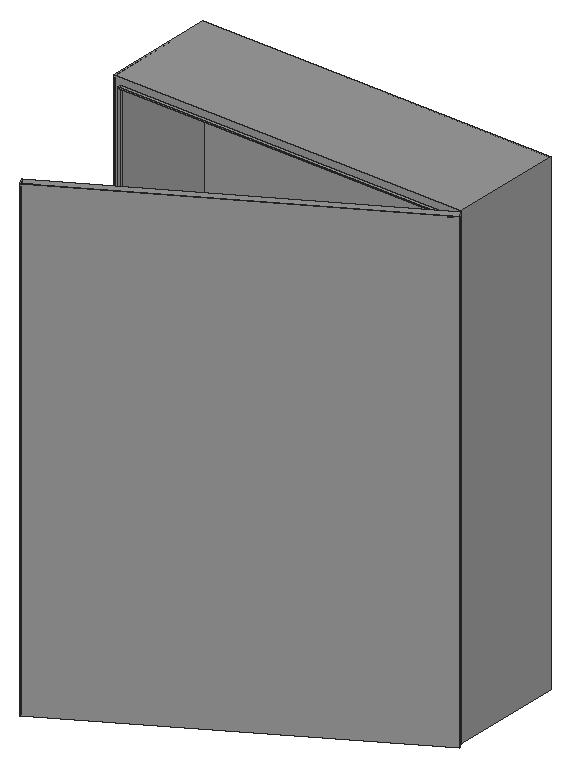
Revit family "Hager-Univers-IP55-D275-H1100-Cl.I-Steel_encl-NoHosted-PL-pl", category Electrical Equipment, Revit 2020
Family settings
  Panel Configuration = Two Columns, Circuits Across
  Round Connector Dimension = Use Diameter
  Part Type = Panelboard
  Work Plane-Based = Yes
  Always vertical = Yes
  Cut with Voids When Loaded = No
  Shared = No
  Room Calculation Point = No
Parameters (values of type "Montaż natynkowy IP55 S800 W1100 G275  - FR73E")
  Width Control [instance] = if([EF000008 - Szerokość] > Min Width, [EF000008 - Szerokość], Min Width)  # 800 mm
  Type Comments = [HG000003 - Zakres]  # "Univers"
  Thickness Door [instance] = if([EF009171 - Drzwi/pokrywa z materiału o wysokiej wytrzymałości mechanicznej] > 3 mm, 3 mm, [EF009171 - Drzwi/pokrywa z materiału o wysokiej wytrzymałości mechanicznej])  # 1.5 mm
  Seal Frame Offset [instance] = 17 mm  # constant formula
  Plinth Visibility [instance] = [HG000027 - Wysokość cokołu] > 0 mm  # no
  Min Width [instance] = 100 mm  # constant formula
  Min Depth [instance] = (2 * [EF009170 - Obudowa z materiału o wysokiej wytrzymałości mechanicznej]) + 1 mm  # 4 mm
  Min Height [instance] = 100 mm  # constant formula
  Internal Frame Depth [instance] = (Door System Depth * 0.5)  # 9 mm
  Panel Name [instance] = ""  # (empty or 0)
  Model = ""
  HG000027 - Wysokość cokołu = 0 mm
  HG000026 - Stojąca = no
  HG000024 - Wysokość części dolnej = 600 mm
  HG000023 - Obudowa dwusekcyjna = no
  HG000016 - Widoczność drzwi w widoku 3D [instance] = yes
  HG000015 - Przestrzeń robocza - otwarcie drzwi [instance] = no
  HG000014 - Drzwi prawe [instance] = yes
  HG000013 - Drzwi lewe [instance] = not([HG000014 - Drzwi prawe])  # no
  HG000012 - Kąt otwarcia drzwi [instance] = 30.00°
  HG000010 - Drzwi asymetryczne = no
  HG000009 - Drzwi dwuskrzydłowe = no
  HG000006 - Montaż podtynkowy = no
  HG000004 - Referencja producenta = "FR73E"
  HG000003 - Zakres = "Univers"
  HG000002 - Z drzwiami lub pokrywą = yes
  Frame Offset Bottom [instance] = 10 mm  # constant formula
  Frame Offset [instance] = 15 mm  # constant formula
  EF015940 - Pokrywa z wyzwalaczem nadciśnieniowym = no
  EF011959 - Stopień ochrony (NEMA) = ""
  EF009554 - Liczba otworów pod flansze = 6
  EF009212 - Wykonanie pokrywy = "EV000116 - Zamknięty"
  EF009171 - Drzwi/pokrywa z materiału o wysokiej wytrzymałości mechanicznej = 1.5 mm
  EF009170 - Obudowa z materiału o wysokiej wytrzymałości mechanicznej = 1.5 mm
  EF008873 - Prąd znamionowy (In) = 800 A
  EF007800 - Do ochrony odgromowej = no
  EF006306 - Z zamkiem = no
  EF006244 - Transparentna pokrywa/drzwi = no
  EF005474 - Stopień ochrony (IP) = "EV006420 - IP55"
  EF004464 - Rodzaj drzwi = "EV002646 - Pojedynczy"
  EF004427 - Liczba modułów = 252
  EF004293 - Odporność udarowa = "EV008784 - IK10"
  EF003532 - Do zastosowań zewnętrznych = no
  EF002950 - Szerokość wyrażona liczbą modułów = 24
  EF001613 - Podtrzymanie funkcji = "EV000494 - Brak"
  EF001596 - Materiał obudowy = "EV000179 - Stal"
  EF001131 - Głębokość wewnętrzna = 275 mm
  EF001088 - Możliwość rozbudowy = yes
  EF000437 - Liczba wejść kablowych = 6
  EF000339 - Rodzaj pokrywy = "EV004216 - Drzwi"
  EF000266 - Liczba rzędów = 7
  EF000218 - Głębokość wbudowania = 0 mm
  EF000118 - Z płytą montażową = no
  EF000116 - Numer RAL = "7035"
  EF000049 - Głębokość = 275 mm
  EF000040 - Wysokość = 1100 mm
  EF000008 - Szerokość = 800 mm
  EF000007 - Kolor = "EV000270 - Szary"
  EF000003 - Sposób montażu = "EV000384 - Montaż natynkowy"
  Door System Leaf Tolerance [instance] = 1.5 mm  # constant formula
  Door System Depth [instance] = 18 mm  # constant formula
  Door Height [instance] = Height Control - [HG000027 - Wysokość cokołu]  # 1100 mm
  Description = ""
  Default Elevation = 1219.2 mm
  Connector Offset [instance] = Height Control / 2  # 550 mm
  Manufacturer = "Hager"  # constant formula
  Height Control [instance] = if([EF000040 - Wysokość] > Min Height, [EF000040 - Wysokość], Min Height)  # 1100 mm
  Depth Control [instance] = if([EF000049 - Głębokość] > Min Depth, [EF000049 - Głębokość], Min Depth)  # 275 mm
  Bottom Top Plate Trim [instance] = 1.5 mm  # constant formula
  Plinth height Ctrl [instance] = if([HG000027 - Wysokość cokołu] > 0 mm, [HG000027 - Wysokość cokołu], 12 mm)  # 12 mm
Types (5, lengths in mm): name | Width Control | HG000010 - Drzwi asymetryczne | HG000009 - Drzwi dwuskrzydłowe | HG000004 - Referencja producenta | EF009554 - Liczba otworów pod flansze | EF004464 - Rodzaj drzwi | EF004427 - Liczba modułów | EF000437 - Liczba wejść kablowych | EF000008 - Szerokość
  Montaż natynkowy IP55 S1050 W1100 G275  - FR74E | 1050 | no | yes | "FR74E" | 8 | "EV003602 - Podwójny" | 336 | 8 | 1050
  Montaż natynkowy IP55 S1300 W1100 G275  - FR75E | 1300 | yes | yes | "FR75E" | 10 | "EV003602 - Podwójny" | 420 | 10 | 1300
  Montaż natynkowy IP55 S300 W1100 G275  - FR71E | 300 | no | no | "FR71E" | 2 | "EV002646 - Pojedynczy" | 84 | 2 | 300
  Montaż natynkowy IP55 S550 W1100 G275  - FR72E | 550 | no | no | "FR72E" | 4 | "EV002646 - Pojedynczy" | 168 | 4 | 550
  Montaż natynkowy IP55 S800 W1100 G275  - FR73E | 800 | no | no | "FR73E" | 6 | "EV002646 - Pojedynczy" | 252 | 6 | 800
Reference planes
  plane 1 "Center (Front/Back)": y = 0
  plane 2: z = 0
  plane 3 "Center (Left/Right)": x = 0
  plane 4: y = 0
  plane 5: y = 0
  plane 6: z = 0
  plane 7: x = -400
  plane 8: x = 400
  plane 9: x = 398.5
  plane 10: x = -398.5
  plane 11: z = 0
  plane 12: z = 1.5
  plane 13: y = -275
  plane 14: y = -1.5
  plane 15: x = 0
  plane 16: y = -257
  plane 17: y = -273.5
  plane 18: y = -255.5
  plane 19: x = -383.5
  plane 20: x = 383.5
  plane 21: z = 11.5
  plane 22: x = -383
  plane 23: x = 383
  plane 24: z = 0
  plane 25: z = 1100
  plane 26: z = 1100
  plane 27: z = 1083.5
  plane 28: z = 1098.5
Forms (mm)
  Extrusion 1, solid, material "Hager_Steel_RAL7035_Light_Grey", detail levels medium+fine
    sketch origin (-208.679, -4572, 0) x (-1, 0, 0) y (0, -1, 0)
      loop
        line (191.321, -4315) -> (-608.679, -4315) -> (-608.679, -4572) -> (191.321, -4572) -> (191.321, -4315)
    from 0 to 1100
  Extrusion 2, void
    sketch origin (-350.771, -275, 1219.2) x (1, 0, 0) y (0, 0, 1)
      loop
        line (-47.729, -120.7) -> (-47.729, -1217.7) -> (749.271, -1217.7) -> (749.271, -120.7) -> (-47.729, -120.7)
    from -19.5 to -273.5
  Extrusion 3, void
    sketch origin (-290.084, -257, 1219.2) x (1, 0, 0) y (0, 0, 1)
      loop
        line (-93.416, -1207.7) -> (673.584, -1207.7) -> (673.584, -135.7) -> (-93.416, -135.7) -> (-93.416, -1207.7)
    from 0 to -1.5
  Extrusion 4, solid, material "Hager_Steel_RAL7035_Light_Grey", visible <- "Plinth Visibility", detail levels medium+fine
    sketch origin (0, 0, 0) x (1, 0, 0) y (0, 1, 0)
      loop
        line (-400, 0) -> (-400, -257) -> (400, -257) -> (400, 0) -> (-400, 0)
    from 0 to 12 <- "Plinth height Ctrl"
  Extrusion 5, solid, material "Hager_Steel_RAL7035_Light_Grey", detail levels coarse
    sketch origin (0, 0, 0) x (1, 0, 0) y (0, 1, 0)
      loop
        line (-400, 0) -> (-400, -275) -> (400, -275) -> (400, 0) -> (-400, 0)
    from 0 to 1100 <- "Height Control"
  Sweep 6, void
    path in 3D
      loop
        line (-400, -257, 12) -> (400, -257, 12) -> (400, 0, 12) -> (-400, 0, 12) -> (-400, -257, 12)
    profile origin (-400, -128.5, 12) x (1, 0, 0) y (0, 0, 1)
      loop
        line (0, 0) -> (0, -1.5) -> (1.5, -1.5)
        arc (1.5, -1.5) -> (1.061, -0.439) -> (0, 0) r 1.5
  Extrusion 7, solid, material "Hager_Steel_RAL7035_Light_Grey", detail levels fine
    sketch origin (-400, -257, 0) x (1, 0, 0) y (0, 0, 1)
      loop
        line (16.5, 11.5) -> (783.5, 11.5) -> (783.5, 1083.5) -> (16.5, 1083.5) -> (16.5, 11.5)
      loop
        line (15, 10) -> (785, 10) -> (785, 1085) -> (15, 1085) -> (15, 10)
    from 0 to 9 <- "Internal Frame Depth"
Cuts and joins
  Extrusion 2, Extrusion 3 cuts Extrusion 1
  Sweep 6 cuts Extrusion 4
Lines and regions (mm)
  Masking region 1
    outline origin (0, 0, 0) x (1, 0, 0) y (0, 1, 0)
      loop
        line (-400, 0) -> (-400, -275) -> (400, -275) -> (400, 0) -> (-400, 0)
  Masking region 2, detail levels coarse
    outline origin (-290.084, -257, 1219.2) x (-1, 0, 0) y (0, 0, 1)
      loop
        line (-690.084, -1219.2) -> (109.916, -1219.2) -> (109.916, -119.2) -> (-690.084, -119.2) -> (-690.084, -1219.2)
  Masking region 3, detail levels coarse
    outline origin (0, 0, 0) x (0, 1, 0) y (0, 0, 1)
      loop
        line (0, 0) -> (0, 1100) -> (-275, 1100) -> (-275, 0) -> (0, 0)
  Masking region 4, visible <- "Plinth Visibility", detail levels medium+fine
    outline origin (0, 0, 0) x (0, 1, 0) y (0, 0, 1)
      loop
        line (-1.5, 12) -> (-255.5, 12)
        arc (-255.5, 12) -> (-255.939, 10.939) -> (-257, 10.5) r 1.5
        line (-257, 10.5) -> (-257, 0) -> (0, 0) -> (0, 10.5)
        arc (0, 10.5) -> (-1.061, 10.939) -> (-1.5, 12) r 1.5
  Masking region 5, detail levels medium+fine
    outline origin (0, 0, 594.038) x (0, 1, 0) y (0, 0, 1)
      loop
        line (0, -594.038) -> (0, 505.962) -> (-257, 505.962) -> (-257, -594.038) -> (0, -594.038)
  Masking region 6, detail levels medium+fine
    outline origin (-359.7, -257, 1211.883) x (-1, 0, 0) y (0, 0, 1)
      loop
        line (-759.7, -1211.883) -> (40.3, -1211.883) -> (40.3, -111.883) -> (-759.7, -111.883) -> (-759.7, -1211.883)
  Masking region 7, visible <- "Plinth Visibility", detail levels medium+fine
    outline origin (-320.334, -257, 1041.368) x (-1, 0, 0) y (0, 0, 1)
      loop
        line (-720.334, -1041.368) -> (79.666, -1041.368) -> (79.666, -1030.868)
        arc (79.666, -1030.868) -> (78.606, -1030.429) -> (78.166, -1029.368) r 1.5
        line (78.166, -1029.368) -> (-718.834, -1029.368)
        arc (-718.834, -1029.368) -> (-719.273, -1030.429) -> (-720.334, -1030.868) r 1.5
        line (-720.334, -1030.868) -> (-720.334, -1041.368)
  sketch lines
    curve 1: line (-400, 0, 12) -> (-400, -257, 12)
    curve 2: line (-400, -257, 12) -> (400, -257, 12)
    curve 3: line (400, 0, 12) -> (-400, 0, 12)
    curve 4: line (400, -257, 12) -> (400, 0, 12)
Dimensions and locks
  locked: plane 1 "Center (Front/Back)" to plane 5
  "EF009170 - Obudowa z materiału o wysokiej wytrzymałości mechanicznej": plane 7 to plane 10
  "EF009170 - Obudowa z materiału o wysokiej wytrzymałości mechanicznej": plane 8 to plane 9
  equal spacing: plane 7, plane 3 "Center (Left/Right)", plane 8
  "Width Control": plane 7 to plane 8
  "Depth Control": plane 4 to plane 13
  "EF009170 - Obudowa z materiału o wysokiej wytrzymałości mechanicznej": plane 4 to plane 14
  "Height Control": plane 25 to level
  "HG000027 - Wysokość cokołu": plane 11 to level
  "EF009170 - Obudowa z materiału o wysokiej wytrzymałości mechanicznej": plane 12 to plane 11
  "EF009170 - Obudowa z materiału o wysokiej wytrzymałości mechanicznej": plane 17 to plane 13
  "EF009170 - Obudowa z materiału o wysokiej wytrzymałości mechanicznej": plane 18 to plane 16
  "Frame Offset Bottom": plane 21 to plane 12
  "Frame Offset": plane 10 to plane 19
  "Frame Offset": plane 9 to plane 20
  "Door System Depth": plane 16 to plane 13
  "Seal Frame Offset": plane 7 to plane 22
  "Seal Frame Offset": plane 8 to plane 23
  "EF009170 - Obudowa z materiału o wysokiej wytrzymałości mechanicznej": plane 26 to plane 28
  "Frame Offset": plane 28 to plane 27
  "Connector Offset": plane 2 to connector elem
  "Bottom Top Plate Trim": profile plane to Sweep 6 sketch curve
  "Bottom Top Plate Trim": Sweep 6 sketch curve to Sweep 6 sketch curve
  "Plinth height Ctrl": Masking region 4 sketch curve to level
  "Plinth height Ctrl": Masking region 7 sketch curve to level
  "Thickness Door": Extrusion 7 sketch curve to Extrusion 7 sketch curve  (x4)
  "Bottom Top Plate Trim": radius of Sweep 6 sketch curve
  "Bottom Top Plate Trim": radius of Masking region 4 sketch curve  (x2)
  "Bottom Top Plate Trim": radius of Masking region 7 sketch curve  (x2)
  aligned and locked: Extrusion 2 sketch curve to plane 12
  aligned and locked: Extrusion 2 sketch curve to plane 9
  aligned and locked: Extrusion 2 sketch curve to plane 10
  aligned and locked: Extrusion 2 to plane 14
  aligned and locked: Extrusion 1 sketch curve to plane 4
  aligned and locked: plane 8 to Extrusion 1 sketch curve
  aligned and locked: plane 7 to Extrusion 1 sketch curve
  aligned and locked: Extrusion 2 to plane 18
  aligned and locked: Extrusion 3 sketch curve to plane 19
  aligned and locked: plane 20 to Extrusion 3 sketch curve
  aligned and locked: Extrusion 3 to Extrusion 2
  aligned and locked: Extrusion 3 sketch curve to plane 21
  aligned and locked: plane 3 "Center (Left/Right)" to nested 1
  aligned and locked: Extrusion 1 sketch curve to plane 16
  aligned and locked: Extrusion 4 sketch curve to cut or joined group of Extrusion 1, Extrusion 2, Extrusion 3
  aligned and locked: Masking region 1 sketch curve to plane 7
  aligned and locked: Masking region 1 sketch curve to plane 5
  aligned and locked: Masking region 1 sketch curve to plane 8
  aligned and locked: Masking region 2 sketch curve to level
  aligned and locked: level to Masking region 3 sketch curve
  aligned and locked: plane 1 "Center (Front/Back)" to Masking region 3 sketch curve
  aligned and locked: plane 13 to Masking region 3 sketch curve
  aligned and locked: plane 5 to Masking region 4 sketch curve
  aligned and locked: Masking region 2 sketch curve to plane 8
  aligned and locked: Masking region 2 sketch curve to plane 7
  aligned and locked: plane 7 to nested 2
  aligned and locked: nested 2 to plane 5
  aligned and locked: plane 5 to Masking region 5 sketch curve
  aligned and locked: plane 26 to Masking region 5 sketch curve
  aligned and locked: Extrusion 5 sketch curve to plane 8
  aligned and locked: Extrusion 5 sketch curve to plane 7
  aligned and locked: Extrusion 5 sketch curve to plane 5
  aligned and locked: Extrusion 3 sketch curve to plane 27
  aligned and locked: Extrusion 2 sketch curve to plane 28
  aligned and locked: Masking region 2 to plane 25
  aligned and locked: Extrusion 4 to plane 16
  aligned and locked: profile plane to Sweep 6 sketch curve
  aligned and locked: Masking region 5 sketch curve to plane 24
  aligned and locked: level to Masking region 4 sketch curve
  aligned and locked: Masking region 1 to plane 13
  aligned and locked: nested 1 to plane 16
  aligned and locked: Masking region 3 to plane 25
  aligned and locked: plane 16 to Masking region 4 sketch curve
  aligned and locked: Masking region 5 sketch curve to plane 16
  aligned and locked: plane 24 to plane 11
  aligned and locked: plane 26 to plane 25
  aligned and locked: plane 26 to cut or joined group of Extrusion 1, Extrusion 2, Extrusion 3
  aligned and locked: nested 1 to plane 24
  aligned and locked: Extrusion 1 to Extrusion 3
  aligned and locked: Masking region 6 sketch curve to plane 8
  aligned and locked: Masking region 6 sketch curve to plane 24
  aligned and locked: Masking region 6 sketch curve to plane 7
  aligned and locked: Masking region 6 sketch curve to plane 26
  aligned and locked: Masking region 7 sketch curve to plane 7
  aligned and locked: level to Masking region 7 sketch curve
  aligned and locked: Masking region 7 sketch curve to plane 8
  aligned and locked: Extrusion 7 sketch curve to cut or joined group of Extrusion 1, Extrusion 2, Extrusion 3  (x4)
Automatic sketch dimensions
  plane 19 to Extrusion 3 sketch curve = 0 mm
  Extrusion 3 sketch curve to plane 20 = 0 mm
  Extrusion 3 sketch curve to plane 21 = 0 mm
  Extrusion 4 sketch curve to plane 7 = 0 mm
  Extrusion 4 sketch curve to plane 8 = 0 mm
  Extrusion 4 sketch curve to plane 16 = 0 mm
  Masking region 1 sketch curve to plane 13 = 0 mm
  Masking region 2 sketch curve to plane 25 = 0 mm
  Masking region 3 sketch curve to plane 25 = 0 mm
  Extrusion 5 sketch curve to plane 13 = 0 mm
  profile plane to Sweep 6 sketch curve = 0 mm
Nested families
  nested 1: "EC000058_Univers_Door" at (0, -257, 0), Double <- "HG000009 - Drzwi dwuskrzydłowe", Transparent <- "EF006244 - Transparentna pokrywa/drzwi", Angle <- "HG000012 - Kąt otwarcia drzwi", Door_Right <- "HG000014 - Drzwi prawe", Assymetrical <- "HG000010 - Drzwi asymetryczne", Door <- "HG000002 - Z drzwiami lub pokrywą", Width_Ctrl <- "Width Control", 3d_Door <- "HG000016 - Widoczność drzwi w widoku 3D", Clearance <- "HG000015 - Przestrzeń robocza - otwarcie drzwi", Door_Left <- "HG000013 - Drzwi lewe", Width <- "Width Control", Door_Depth <- "Door System Depth", Leaf_Tolerance <- "Door System Leaf Tolerance", Height <- "Door Height", Lock_Visibility <- "EF006306 - Z zamkiem", Thickness <- "Thickness Door", type "EC000058_Univers_Door", detail levels medium+fine
    with min_wh 4 mm, Width_Ctrl 800 mm, Width 800 mm, Transparent no, Thickness 1.5 mm, Seal_Material Hager_Rubber, Lock_Visibility no, Lock_Material Hager_Plastic_RAL9005_Jet_Black, Leaf_Width 800 mm, Leaf_Tolerance_External_Sides 0 mm, Leaf_Tolerance 1.5 mm, Leaf_Offset 0 mm, Leaf_Height 1097 mm, Leaf_2_Width 800 mm, Leaf_2_Offset 400 mm, Leaf_1_Width 800 mm, Leaf_1_Offset 400 mm, Height_Ctrl 1100 mm, Height 1100 mm, Glass_Material Hager_Glass, Double_Clearance_Ctrl no, Double no, Door_Right_Ctrl yes, Door_Right yes, Door_Material Hager_Steel_RAL7035_Light_Grey, Door_Left_Ctrl no, Door_Left no, Door_Depth 18 mm, Door yes, Clearance_Material Hager_Clearance, Clearance_Depth 800 mm, Clearance_Ctrl no, Clearance no, Assymetrical no, Angle 30.00°, 3d_Door yes
  nested 2: "Hager_Enclosure_Symbol" at (-400, 0, 0), Height <- "Depth Control", Width <- "Width Control", type "Hager_Enclosure_Symbol"
    with Width_Ctrl 800 mm, Width 800 mm, Height_Ctrl 275 mm, Height 275 mm, A_Width_Int 18.047 mm, A_Width 216.562 mm, A_Height_Ctrl 240.625 mm, A_Height 240.625 mm
Connectors
  electrical at (0, 0, 550)
    settings: on plane 1 "Center (Front/Back)", index 1, voltage 0 V, apparent load 0 VA, apparent load phase1 0 VA, apparent load phase2 0 VA, apparent load phase3 0 VA, power factor 1, load classification "Other", number of poles 1, system type 30, power factor state 1, is connector primary yes, connector utility no, sub classification motor no, connector description ""
Definition of nested family "EC000058_Univers_Door"
  Parameters (values of type "EC000058_Univers_Door")
    min_wh [instance] = (2 * Thickness) + 1 mm  # 11 mm
    Width_Ctrl [instance] = 400 mm
    Width [instance] = 500 mm
    Transparent [instance] = yes
    Thickness [instance] = 5 mm
    Seal_Material [instance] = none
    Lock_Visibility [instance] = yes
    Lock_Material [instance] = none
    Leaf_Width [instance] = if((Width_Ctrl - 2 * Leaf_Tolerance_External_Sides) > 0 mm, (Width_Ctrl - 2 * Leaf_Tolerance_External_Sides), min_wh)  # 400 mm
    Leaf_Tolerance_External_Sides [instance] = 0 mm  # constant formula
    Leaf_Tolerance [instance] = 1.5 mm
    Leaf_Offset [instance] = 0 mm  # constant formula
    Leaf_Height [instance] = if((Height_Ctrl - 2 * Leaf_Tolerance) > 0 mm, (Height_Ctrl - 2 * Leaf_Tolerance), min_wh)  # 497 mm
    Leaf_2_Width [instance] = if(and(and(Double, Assymetrical), Door_Left), (Leaf_Width / 3) - (Leaf_Tolerance / 2), if(and(and(Double, Assymetrical), Door_Right), (Leaf_Width / 3) * 2 - (Leaf_Tolerance / 2), if(and(Double, not(Assymetrical)), (Leaf_Width / 2) - Leaf_Tolerance, Leaf_Width)))  # 400 mm
    Leaf_2_Offset [instance] = if(and(Double, Assymetrical), Leaf_2_Width / 2, if(and(Double, not(Assymetrical)), Leaf_Width / 4, Leaf_Width / 2))  # 200 mm
    Leaf_1_Width [instance] = if(and(and(Double, Assymetrical), Door_Right), (Leaf_Width / 3) - (Leaf_Tolerance / 2), if(and(and(Double, Assymetrical), Door_Left), (Width / 3) * 2 - (Leaf_Tolerance / 2), if(and(Double, not(Assymetrical)), (Leaf_Width / 2) - Leaf_Tolerance, Leaf_Width)))  # 400 mm
    Leaf_1_Offset [instance] = if(and(Double, Assymetrical), Leaf_1_Width / 2, if(and(Double, not(Assymetrical)), Leaf_Width / 4, Leaf_Width / 2))  # 200 mm
    Height_Ctrl [instance] = if(Height > min_wh, Height, min_wh)  # 500 mm
    Height [instance] = 500 mm
    Glass_Material [instance] = none
    Double_Clearance_Ctrl [instance] = and(Double, Clearance)  # no
    Double [instance] = no
    Door_Right_Ctrl [instance] = and(or(Door_Right, Double), Door)  # yes
    Door_Right [instance] = yes
    Door_Material [instance] = none
    Door_Left_Ctrl [instance] = and(or(Door_Left, Double), Door)  # no
    Door_Left [instance] = no
    Door_Depth [instance] = 30 mm
    Door [instance] = yes
    Default Elevation = 1219.2 mm
    Clearance_Material [instance] = none
    Clearance_Depth [instance] = if(Leaf_1_Width > Leaf_2_Width, Leaf_1_Width, Leaf_2_Width)  # 400 mm
    Clearance_Ctrl [instance] = and(not(Double), Clearance)  # yes
    Clearance [instance] = yes
    Assymetrical [instance] = yes
    Angle [instance] = 30.00°
    3d_Door [instance] = yes
  Reference planes
    plane 1 "Center (Front/Back)": y = 0
    plane 2 "Bottom": z = 0
    plane 3 "Center (Left/Right)": x = 0
    plane 4: z = 500
    plane 5: x = -200
    plane 6: x = 200
    plane 7: z = 500
    plane 8: x = -200
    plane 9: z = 0
    plane 10: x = 200
    plane 11: y = 0
    plane 12: z = 1.5
    plane 13: x = -600
    plane 14: y = -400
    plane 15: x = 600
    plane 16: x = 0
    plane 17: x = 0
    plane 18: x = -200
    plane 19: x = 200
    plane 20: z = 498.5
  Forms (mm)
    Extrusion 1, solid, material <- "Clearance_Material", visible <- "Double_Clearance_Ctrl"
      sketch origin (1200, 0, 0) x (1, 0, 0) y (0, 0, -1)
        loop
          line (-1800, -498.5) -> (-600, -498.5) -> (-600, 0) -> (-1800, 0) -> (-1800, -498.5)
      from 0 to -400
  Dimensions and locks
    equal spacing: plane 5, plane 3 "Center (Left/Right)", plane 6
    "Width_Ctrl": plane 5 to plane 6
    "Leaf_Offset": plane 5 to plane 8
    "Leaf_Offset": plane 6 to plane 10
    "Leaf_Offset": plane 9 to level
    "Leaf_Offset": plane 4 to plane 7
    "Height_Ctrl": plane 4 to level
    "Leaf_Tolerance": plane 12 to plane 9
    locked: plane 11 to plane 1 "Center (Front/Back)"
    "Leaf_1_Offset": plane 18 to plane 16
    "Leaf_2_Offset": plane 17 to plane 19
    "Leaf_1_Width": plane 13 to plane 8
    "Leaf_2_Width": plane 10 to plane 15
    "Clearance_Depth": plane 14 to plane 1 "Center (Front/Back)"
    "Leaf_Tolerance_External_Sides": plane 8 to plane 18
    "Leaf_Tolerance_External_Sides": plane 19 to plane 10
    "Leaf_Tolerance": plane 7 to plane 20
    aligned and locked: level to plane 2 "Bottom"
    aligned and locked: nested 1 to plane 16
    aligned and locked: nested 2 to plane 17
    aligned and locked: Extrusion 1 to plane 13
    aligned and locked: plane 15 to Extrusion 1
    aligned and locked: Extrusion 1 to plane 14
    aligned and locked: plane 12 to nested 1
    aligned and locked: nested 2 to plane 12
    aligned and locked: Extrusion 1 to plane 11
    aligned and locked: plane 20 to Extrusion 1
    aligned and locked: nested 2 to plane 11
    aligned and locked: nested 1 to plane 11
  Automatic sketch dimensions
    Extrusion 1 sketch curve to level = 0 mm
    plane 5 to Extrusion 1 sketch curve = 400 mm
    plane 6 to Extrusion 1 sketch curve = 400 mm
    Extrusion 1 sketch curve to plane 4 = 1.5 mm
  Nested families
    nested 1: "EC000058_Univers_Door_Leaf" at (0, 0, 1.5), Width <- "Leaf_1_Width", visible <- "Door_Left_Ctrl", Leaf_Height <- "Leaf_Height", Angle <- "Angle", 3d_Door <- "3d_Door", Transparent <- "Transparent", Clearance Material <- "Clearance_Material", Clearance <- "Clearance_Ctrl", Door_Material <- "Door_Material", Glass_Material <- "Glass_Material", Door_Depth <- "Door_Depth", Lock_Material <- "Lock_Material", Seal_Material <- "Seal_Material", Lock_Visibility <- "Lock_Visibility", Thickness <- "Thickness", type "EC000058_Univers_Door_Leaf"
      with Width 400 mm, Transparent_Glass_Offset 30 mm, Transparent_Ctrl yes, Transparent yes, Thickness 5 mm, Standard no, Seal_Material none, Seal_D2 8 mm, Seal_D1 1 mm, Offset_Internal_Frame 10 mm, Lock_Width 20 mm, Lock_Visibility_3d yes, Lock_Visibility yes, Lock_Thickness_3 3 mm, Lock_Thickness_2 1 mm, Lock_Thickness_1 3 mm, Lock_Radius_Offset_2 16 mm, Lock_Radius_Offset_1 15 mm, Lock_Radius_2 5 mm, Lock_Radius 6 mm, Lock_Offset 5 mm, Lock_Material none, Lock_Height 80 mm, Lock_Cover_Top_Offset_2d 17 mm, Lock_Cover_Height -65 mm, Leaf_Height 497 mm, Internal_Seal_Thickness 8 mm, Internal_Seal_Depth_2 4.5 mm, Internal_Frame_Depth 25 mm, Glass_Thickness -1 mm, Glass_Offset -2 mm, Glass_Material none, Door_Material none, Door_Depth 30 mm, Clearance Material none, Clearance yes, Angle_Ctrl 30.00°, Angle 30.00°, 3d_Door yes
    nested 2: "EC000058_Univers_Door_Leaf" at (0, 0, 1.5) x (-1, 0, 0) z (0, 0, 1), Width <- "Leaf_2_Width", visible <- "Door_Right_Ctrl", Leaf_Height <- "Leaf_Height", Angle <- "Angle", 3d_Door <- "3d_Door", Transparent <- "Transparent", Clearance Material <- "Clearance_Material", Clearance <- "Clearance_Ctrl", Door_Material <- "Door_Material", Glass_Material <- "Glass_Material", Door_Depth <- "Door_Depth", Lock_Material <- "Lock_Material", Seal_Material <- "Seal_Material", Lock_Visibility <- "Lock_Visibility", Thickness <- "Thickness", type "EC000058_Univers_Door_Leaf"
      with Width 400 mm, Transparent_Glass_Offset 30 mm, Transparent_Ctrl yes, Transparent yes, Thickness 5 mm, Standard no, Seal_Material none, Seal_D2 8 mm, Seal_D1 1 mm, Offset_Internal_Frame 10 mm, Lock_Width 20 mm, Lock_Visibility_3d yes, Lock_Visibility yes, Lock_Thickness_3 3 mm, Lock_Thickness_2 1 mm, Lock_Thickness_1 3 mm, Lock_Radius_Offset_2 16 mm, Lock_Radius_Offset_1 15 mm, Lock_Radius_2 5 mm, Lock_Radius 6 mm, Lock_Offset 5 mm, Lock_Material none, Lock_Height 80 mm, Lock_Cover_Top_Offset_2d 17 mm, Lock_Cover_Height -65 mm, Leaf_Height 497 mm, Internal_Seal_Thickness 8 mm, Internal_Seal_Depth_2 4.5 mm, Internal_Frame_Depth 25 mm, Glass_Thickness -1 mm, Glass_Offset -2 mm, Glass_Material none, Door_Material none, Door_Depth 30 mm, Clearance Material none, Clearance yes, Angle_Ctrl 30.00°, Angle 30.00°, 3d_Door yes
  Definition of nested family "EC000058_Univers_Door_Leaf"
    Parameters (values of type "EC000058_Univers_Door_Leaf")
      Width [instance] = 2000 mm
      Transparent_Glass_Offset [instance] = 30 mm
      Transparent_Ctrl [instance] = and(Transparent, [3d_Door])  # yes
      Transparent [instance] = yes
      Thickness [instance] = 5 mm
      Standard [instance] = and(not(Transparent), [3d_Door])  # no
      Seal_Material [instance] = none
      Seal_D2 [instance] = 8 mm  # constant formula
      Seal_D1 [instance] = 1 mm  # constant formula
      Offset_Internal_Frame [instance] = 10 mm  # constant formula
      Lock_Width [instance] = 20 mm  # constant formula
      Lock_Visibility_3d [instance] = and(Lock_Visibility, [3d_Door])  # yes
      Lock_Visibility [instance] = yes
      Lock_Thickness_3 [instance] = 3 mm  # constant formula
      Lock_Thickness_2 [instance] = 1 mm  # constant formula
      Lock_Thickness_1 [instance] = 3 mm  # constant formula
      Lock_Radius_Offset_2 [instance] = Lock_Radius_Offset_1 + 1 mm  # 16 mm
      Lock_Radius_Offset_1 [instance] = 15 mm  # constant formula
      Lock_Radius_2 [instance] = Lock_Radius - 1 mm  # 5 mm
      Lock_Radius [instance] = 6 mm  # constant formula
      Lock_Offset [instance] = 5 mm  # constant formula
      Lock_Material [instance] = none
      Lock_Height [instance] = 80 mm  # constant formula
      Lock_Cover_Top_Offset_2d [instance] = Lock_Radius_Offset_2 + 1 mm  # 17 mm
      Lock_Cover_Height [instance] = -(Lock_Height - Lock_Radius_Offset_1)  # -65 mm
      Leaf_Height [instance] = 2720.336 mm
      Internal_Seal_Thickness [instance] = 8 mm  # constant formula
      Internal_Seal_Depth_2 [instance] = 4.5 mm  # constant formula
      Internal_Frame_Depth [instance] = if(Door_Depth - Thickness > 5 mm, Door_Depth - Thickness, 5 mm)  # 25 mm
      Glass_Thickness [instance] = if(Thickness > 15 mm, Glass_Offset + 10 mm, -1 mm)  # -1 mm
      Glass_Offset [instance] = if(Thickness > 15 mm, -(Thickness + 10 mm) / 2, -2 mm)  # -2 mm
      Glass_Material [instance] = none
      Door_Material [instance] = none
      Door_Depth [instance] = 30 mm
      Default Elevation = 0 mm
      Clearance Material [instance] = none
      Clearance [instance] = yes
      Angle_Ctrl [instance] = if(Angle > 180.00°, 180.00°, Angle)  # 90.00°
      Angle [instance] = 90.00°
      3d_Door [instance] = yes
    Reference planes
      plane 1 "Center (Front/Back)": y = 0
      plane 2: z = 0
      plane 3 "Center (Left/Right)": x = 0
      plane 4: y = 2000
      plane 5: x = -1000
      plane 6: x = 1000
      plane 7: x = -3000
      plane 8: z = 2720.336
      plane 9: z = 30
      plane 10: z = 2690.336
      plane 11: x = 970
      plane 12: x = -970
      plane 13: y = -3
      plane 14: z = 107.833
      plane 15: y = -5
      plane 16: y = -223.314
      plane 17: x = -1000
      plane 18: z = 1360.168
      plane 19: y = 30
    Forms (mm)
      Extrusion 1, solid, material <- "Clearance Material", visible <- "Clearance"
        sketch origin (0, 0, 0) x (1, 0, 0) y (0, 0, 1)
          loop
            line (-3000, 2720.336) -> (-3000, 0) -> (1000, 0) -> (1000, 2720.336) -> (-3000, 2720.336)
        from 0 to -2000
      Extrusion 2, solid, material <- "Door_Material", visible <- "Standard", detail levels medium+fine
        sketch origin (-1000, 0, 0) x (0, 1, 0) y (-1, 0, 0)
          loop
            line (0, 30) -> (0, 25) -> (2000, 25) -> (2000, 30) -> (0, 30)
        from 0 to 2720.336 <- "Leaf_Height"
      Extrusion 3, solid, material <- "Door_Material", visible <- "Transparent_Ctrl", detail levels medium+fine
        sketch origin (-1000, 0, 0) x (0, 1, 0) y (-1, 0, 0)
          loop
            line (0, 25) -> (2000, 25) -> (2000, 30) -> (0, 30) -> (0, 25)
        from 0 to 2720.336 <- "Leaf_Height"
      Extrusion 4, void
        sketch origin (-1025, 2000, 0) x (0, 1, 0) y (0, 0, -1)
          loop
            line (-30, -2690.336) -> (-30, -30) -> (-1970, -30) -> (-1970, -2690.336) -> (-30, -2690.336)
        from 0 to 5 <- "Thickness"
      Sweep 5, solid, material <- "Seal_Material", visible <- "Transparent_Ctrl", detail levels fine
        path in 3D
          loop
            line (-1025, 30, 30) -> (-1025, 30, 2690.336) -> (-1025, 1970, 2690.336) -> (-1025, 1970, 30) -> (-1025, 30, 30)
        profile origin (-1025, 1000, 30) x (1, 0, 0) y (0, 0, 1)
          loop
            line (0, 0) -> (0, -8) -> (1, -8) -> (1, 0) -> (0, 0)
      Extrusion 6, solid, material <- "Glass_Material", visible <- "Transparent_Ctrl", detail levels medium+fine
        sketch origin (-1030, 0, 0) x (0, 1, 0) y (0, 0, -1)
          loop
            line (1970, -2690.336) -> (1970, -30) -> (30, -30) -> (30, -2690.336) -> (1970, -2690.336)
        from -2 <- "Glass_Offset" to -1 <- "Glass_Thickness"
      Extrusion 7, solid, material <- "Door_Material", visible <- "3d_Door", detail levels medium+fine
        sketch origin (-1025, 2000, 0) x (0, -1, 0) y (0, 0, -1)
          loop
            line (0, -2720.336) -> (2000, -2720.336) -> (2000, 0) -> (0, 0) -> (0, -2720.336)
          loop
            line (1995, -5) -> (5, -5) -> (5, -2715.336) -> (1995, -2715.336) -> (1995, -5)
        from 0 to 25 <- "Internal_Frame_Depth"
      Sweep 8, solid, material <- "Seal_Material", visible <- "Transparent_Ctrl", detail levels fine
        path in 3D
          loop
            line (-1025, 0, 0) -> (-1025, 2000, 0) -> (-1025, 2000, 2720.336) -> (-1025, 0, 2720.336) -> (-1025, 0, 0)
        profile origin (-1025, 0, 1360.168) x (1, 0, 0) y (0, 1, 0)
          loop
            line (0, 10) -> (2.975, 10)
            arc (2.975, 10) -> (4.053, 10.447) -> (4.5, 11.525) r 1.525
            line (4.5, 11.525) -> (4.5, 16.527)
            arc (4.5, 16.527) -> (4.069, 17.569) -> (3.027, 18) r 1.473
            line (3.027, 18) -> (0, 18) -> (0, 10)
      Extrusion 9, solid, material <- "Lock_Material", visible <- "Lock_Visibility_3d", detail levels fine
        sketch origin (-1030, 0, 0) x (0, 1, 0) y (0, 0, -1)
          loop
            arc (1993.5, -1400.168) -> (1994.561, -1399.729) -> (1995, -1398.668) r 1.5
            line (1995, -1398.668) -> (1995, -1320.168) -> (1975, -1320.168) -> (1975, -1398.668)
            arc (1975, -1398.668) -> (1975.439, -1399.729) -> (1976.5, -1400.168) r 1.5
            line (1976.5, -1400.168) -> (1993.5, -1400.168)
        from 3 <- "Lock_Thickness_1" to 0
      Blend 10, solid, material <- "Lock_Material", visible <- "Lock_Visibility_3d", detail levels fine
        base sketch origin (-1033, 0, 0) x (0, 1, 0) y (0, 0, -1)
          loop
            line (1975, -1320.168) -> (1975, -1398.668)
            arc (1975, -1398.668) -> (1975.439, -1399.729) -> (1976.5, -1400.168) r 1.5
            line (1976.5, -1400.168) -> (1993.5, -1400.168)
            arc (1993.5, -1400.168) -> (1994.561, -1399.729) -> (1995, -1398.668) r 1.5
            line (1995, -1398.668) -> (1995, -1320.168) -> (1975, -1320.168)
        top sketch origin (-1033, 0, 0) x (0, 1, 0) y (0, 0, -1)
          loop
            line (1976, -1320.168) -> (1976, -1398.668)
            arc (1976, -1398.668) -> (1976.146, -1399.022) -> (1976.5, -1399.168) r 0.5
            line (1976.5, -1399.168) -> (1993.5, -1399.168)
            arc (1993.5, -1399.168) -> (1993.854, -1399.022) -> (1994, -1398.668) r 0.5
            line (1994, -1398.668) -> (1994, -1320.168) -> (1976, -1320.168)
        from 0 to 1 <- "Lock_Thickness_2"
      Blend 11, solid, material <- "Lock_Material", visible <- "Lock_Visibility_3d", detail levels fine
        base sketch origin (-1034, 0, 0) x (0, 1, 0) y (0, 0, -1)
          loop
            line (1978, -1320.168) -> (1978, -1384.168)
            arc (1978, -1384.168) -> (1985, -1391.168) -> (1992, -1384.168) r 7
            line (1992, -1384.168) -> (1992, -1320.168) -> (1978, -1320.168)
        top sketch origin (-1034, 0, 0) x (0, 1, 0) y (0, 0, -1)
          loop
            line (1991, -1320.168) -> (1979, -1320.168) -> (1979, -1383.168)
            arc (1979, -1383.168) -> (1985, -1389.168) -> (1991, -1383.168) r 6
            line (1991, -1383.168) -> (1991, -1320.168)
        from 0 to 3 <- "Lock_Thickness_3"
      Extrusion 12, solid, material <- "Lock_Material", visible <- "Lock_Visibility_3d", detail levels fine
        sketch origin (-1030, 1975, 1320.168) x (1, 0, 0) y (0, -1, 0)
          loop
            line (-7, -19) -> (-7, -1) -> (0, -1) -> (0, 0) -> (-8, 0) -> (-8, -20) -> (0, -20) -> (0, -19) -> (-7, -19)
        from 0 to -65 <- "Lock_Cover_Height"
      Extrusion 13, void
        sketch origin (-1038, 1995, 1320.168) x (-1, 0, 0) y (0, 0, -1)
          loop
            line (-5, -65) -> (0, -65) -> (-5, -60) -> (-5, -65)
        from 0 to 20 <- "Lock_Width"
      Extrusion 14, void
        sketch origin (-1038, 1975, 1320.168) x (0, -1, 0) y (0, 0, -1)
          loop
            circle (-10, -15.995) r 6
          loop
            circle (-10, -15.995) r 5
        from 0 to 2
      Extrusion 15, solid, material <- "Lock_Material", visible <- "Lock_Visibility_3d", detail levels medium
        sketch origin (-1030, 0, 0) x (0, 1, 0) y (0, 0, -1)
          loop
            arc (1993.5, -1400.168) -> (1994.561, -1399.729) -> (1995, -1398.668) r 1.5
            line (1995, -1398.668) -> (1995, -1320.168) -> (1975, -1320.168) -> (1975, -1398.668)
            arc (1975, -1398.668) -> (1975.439, -1399.729) -> (1976.5, -1400.168) r 1.5
            line (1976.5, -1400.168) -> (1993.5, -1400.168)
        from 8 to 0
    Cuts and joins
      Extrusion 4 cuts Extrusion 3
      Extrusion 13, Extrusion 14 cuts Extrusion 9
      Extrusion 14 cuts Blend 11
      Extrusion 13, Extrusion 14 cuts Extrusion 12
      joined: Extrusion 9, Blend 10, Blend 11, Extrusion 12
      Extrusion 14 cuts Extrusion 15
    Lines and regions (mm)
      Masking region 1, visible <- "Lock_Visibility", detail levels fine
        outline origin (0, 0, 0) x (0, 1, 0) y (0, 0, 1)
          loop
            line (30, 1320.168) -> (33, 1320.168) -> (33, 1400.168) -> (30, 1400.168) -> (30, 1320.168)
      Masking region 2, visible <- "Lock_Visibility", detail levels fine
        outline origin (0, 3.143, 0) x (0, 1, 0) y (0, 0, 1)
          loop
            line (29.857, 1354.168) -> (30.857, 1354.168) -> (30.857, 1366.168) -> (29.857, 1366.168) -> (29.857, 1354.168)
      Masking region 3, detail levels medium+fine
        outline origin (0, 0, 0) x (0, 1, 0) y (0, 0, 1)
          loop
            line (0, 0) -> (30, 0) -> (30, 2720.336) -> (0, 2720.336) -> (0, 0)
      Masking region 4, detail levels medium+fine
        outline origin (0, 0, 0) x (1, 0, 0) y (0, 0, 1)
          loop
            line (-1000, 2720.336) -> (-1000, 0) -> (1000, 0) -> (1000, 2720.336) -> (-1000, 2720.336)
      Masking region 5, visible <- "Lock_Visibility", detail levels fine
        outline origin (-47.116, 0, 0) x (1, 0, 0) y (0, 0, 1)
          loop
            arc (1024.616, 1399.168) -> (1023.556, 1398.729) -> (1023.116, 1397.668) r 1.5
            line (1023.116, 1397.668) -> (1023.116, 1320.168) -> (1041.116, 1320.168) -> (1041.116, 1397.668)
            arc (1041.116, 1397.668) -> (1040.677, 1398.729) -> (1039.616, 1399.168) r 1.5
            line (1039.616, 1399.168) -> (1024.616, 1399.168)
      Masking region 6, visible <- "Lock_Visibility", detail levels medium+fine
        outline origin (-25, 0, 0) x (1, 0, 0) y (0, 0, 1)
          loop
            arc (1001.5, 1400.168) -> (1000.439, 1399.729) -> (1000, 1398.668) r 1.5
            line (1000, 1398.668) -> (1000, 1320.168) -> (1020, 1320.168) -> (1020, 1398.668)
            arc (1020, 1398.668) -> (1019.561, 1399.729) -> (1018.5, 1400.168) r 1.5
            line (1018.5, 1400.168) -> (1001.5, 1400.168)
      Masking region 7, visible <- "Lock_Visibility", detail levels fine
        outline origin (-73.735, 0, 0) x (1, 0, 0) y (0, 0, 1)
          loop
            line (1051.735, 1382.168) -> (1065.735, 1382.168) -> (1065.735, 1384.168)
            arc (1065.735, 1384.168) -> (1058.735, 1391.168) -> (1051.735, 1384.168) r 7
            line (1051.735, 1384.168) -> (1051.735, 1382.168)
      Masking region 8, visible <- "Lock_Visibility", detail levels fine
        outline origin (-73.735, 0, 0) x (1, 0, 0) y (0, 0, 1)
          loop
            line (1052.735, 1382.168) -> (1064.735, 1382.168) -> (1064.735, 1383.168)
            arc (1064.735, 1383.168) -> (1058.735, 1389.168) -> (1052.735, 1383.168) r 6
            line (1052.735, 1383.168) -> (1052.735, 1382.168)
      Masking region 9, visible <- "Lock_Visibility", detail levels fine
        outline origin (-25, 0, 0) x (1, 0, 0) y (0, 0, 1)
          loop
            line (1020, 1320.168) -> (1020, 1382.168) -> (1000, 1382.168) -> (1000, 1320.168) -> (1020, 1320.168)
      Masking region 10, detail levels medium+fine
        outline origin (0, 0, 0) x (1, 0, 0) y (0, 0, 1)
          loop
            circle (985, 1335.144) r 6
      Masking region 11, detail levels fine
        outline origin (0, 0, 0) x (1, 0, 0) y (0, 0, 1)
          loop
            circle (985, 1335.144) r 5
      Masking region 12, visible <- "Lock_Visibility", detail levels fine
        outline origin (0, 12.767, 0) x (0, 1, 0) y (0, 0, 1)
          loop
            line (20.233, 1320.168) -> (21.233, 1320.168) -> (21.233, 1399.168) -> (20.233, 1400.168) -> (20.233, 1320.168)
      Masking region 13, visible <- "Lock_Visibility", detail levels fine
        outline origin (0, 13.767, -10) x (0, 1, 0) y (0, 0, 1)
          loop
            line (20.233, 1330.168) -> (23.233, 1330.168) -> (23.233, 1399.168) -> (20.233, 1402.168) -> (20.233, 1330.168)
      Masking region 14, visible <- "Lock_Visibility", detail levels fine
        outline origin (0, 12.767, -10) x (0, 1, 0) y (0, 0, 1)
          loop
            line (20.233, 1330.168) -> (25.233, 1330.168) -> (25.233, 1399.305) -> (20.233, 1394.305) -> (20.233, 1330.168)
      Masking region 15, visible <- "Lock_Visibility", detail levels medium
        outline origin (0, 0, 0) x (0, 1, 0) y (0, 0, 1)
          loop
            line (30, 1320.168) -> (38, 1320.168) -> (38, 1400.168) -> (30, 1400.168) -> (30, 1320.168)
      Masking region 16, visible <- "Lock_Visibility", detail levels fine
        outline origin (-1000, 0, 0) x (0, 1, 0) y (-1, 0, 0)
          loop
            line (1975, 30) -> (1995, 30) -> (1995, 38) -> (1975, 38) -> (1975, 30)
          loop
            line (1979, 37) -> (1976, 37) -> (1976, 34) -> (1978, 34) -> (1979, 37)
          loop
            line (1994, 37) -> (1991, 37) -> (1992, 34) -> (1994, 34) -> (1994, 37)
      Masking region 17, visible <- "Lock_Visibility", detail levels medium
        outline origin (-1000, 0, 0) x (0, 1, 0) y (-1, 0, 0)
          loop
            line (1975, 30) -> (1995, 30) -> (1995, 38) -> (1975, 38) -> (1975, 30)
      symbolic lines
        curve 1: line (1000, 0, 0) -> (-3000, 0, 0)
        curve 2: arc (1000, 0, 0) -> (-1000, 2000, 0) -> (-3000, 0, 0) r 2000
        curve 4: line (-1030, 0, 0) -> (-1030, 2000, 0)
      reference lines
        curve 3: line (-1000, 0, 0) -> (-1000, 2000, 0)
      symbolic lines, detail levels medium+fine
        curve 5: line (-1030, 2000, 0) -> (-1025, 2000, 0)
        curve 7: line (-1025, 0, 0) -> (-1030, 0, 0)
        curve 8: line (-1025, 0, 0) -> (-1000, 0, 0)
        curve 9: line (-1000, 0, 0) -> (-1000, 2000, 0)
        curve 10: line (-1000, 2000, 0) -> (-1025, 2000, 0)
      symbolic lines, detail levels fine
        curve 6: line (-1025, 2000, 0) -> (-1025, 0, 0)
      sketch lines
        curve 11: line (-1025, 0, 2720.336) -> (-1025, 0, 0)
        curve 12: line (-1025, 2000, 0) -> (-1025, 0, 0)
        curve 13: line (-1025, 2000, 2720.336) -> (-1025, 2000, 0)
        curve 14: line (-1025, 0, 2720.336) -> (-1025, 2000, 2720.336)
        curve 15: line (-1025, 1970, 30) -> (-1025, 30, 30)
        curve 16: line (-1025, 30, 30) -> (-1025, 30, 2690.336)
        curve 17: line (-1025, 1970, 2690.336) -> (-1025, 1970, 30)
        curve 18: line (-1025, 30, 2690.336) -> (-1025, 1970, 2690.336)
      symbolic lines, visible <- "Transparent", detail levels medium+fine
        curve 19: line (-970, 0, 2690.336) -> (970, 0, 2690.336)
        curve 20: line (-970, 0, 30) -> (-970, 0, 2690.336)
        curve 21: line (970, 0, 30) -> (-970, 0, 30)
        curve 22: line (970, 0, 2690.336) -> (970, 0, 30)
    Dimensions and locks
      "Width": plane 1 "Center (Front/Back)" to plane 4
      equal spacing: plane 5, plane 3 "Center (Left/Right)", plane 6
      "Width": plane 5 to plane 6
      "Width": plane 7 to plane 5
      "Leaf_Height": plane 8 to level
      "Width": curve 5 to curve 3
      "Width": curve 3 to curve 3
      plane 8 to plane 10 = 30 mm
      plane 9 to level = 30 mm
      plane 12 to plane 5 = 30 mm
      plane 6 to plane 11 = 30 mm
      Extrusion 1 to Extrusion 4 sketch curve = 30 mm
      "Transparent_Glass_Offset": curve 3 to Extrusion 4 sketch curve
      "Transparent_Glass_Offset": Extrusion 4 sketch curve to cut or joined group of Extrusion 3, Extrusion 4  (x2)
      cut or joined group of Extrusion 3, Extrusion 4 to Extrusion 6 sketch curve = 30 mm
      "Transparent_Glass_Offset": cut or joined group of Extrusion 3, Extrusion 4 to Extrusion 4 sketch curve
      "Thickness": curve 6 to curve 4
      "Thickness": Extrusion 7 sketch curve to Extrusion 7 sketch curve  (x4)
      "Door_Depth": curve 4 to curve 3
      "Offset_Internal_Frame": profile plane to Sweep 8 sketch curve
      "Internal_Seal_Thickness": Sweep 8 sketch curve to Sweep 8 sketch curve
      "Internal_Seal_Depth_2": profile plane to Sweep 8 sketch curve
      "Seal_D1": profile plane to Sweep 5 sketch curve
      "Seal_D2": profile plane to Sweep 5 sketch curve
      "Thickness": Extrusion 2 sketch curve to Extrusion 2 sketch curve
      equal spacing: Extrusion 9 sketch curve, plane 18, Extrusion 9 sketch curve  (x2)
      equal spacing: Masking region 1 sketch curve, plane 18, Masking region 1 sketch curve
      "Lock_Height": Masking region 1 sketch curve to Masking region 1 sketch curve
      "Lock_Radius": Masking region 2 sketch curve to plane 18 to Masking region 2 sketch curve
      Masking region 2 sketch curve to Masking region 1 = 1 mm
      "Door_Depth": plane 19 to plane 1 "Center (Front/Back)"
      "Lock_Thickness_1": Masking region 1 sketch curve to plane 19
      "Lock_Width": Extrusion 9 sketch curve to Extrusion 9 sketch curve
      "Lock_Height": Extrusion 9 sketch curve to Extrusion 9 sketch curve
      "Lock_Offset": cut or joined group of Extrusion 3, Extrusion 4 to Extrusion 9 sketch curve
      equal spacing: plane 8, plane 18, level
      "Lock_Radius_Offset_1": Blend 11 sketch curve to Blend 10
      locked: Blend 10 to Blend 11 sketch curve at 2  (x2)
      locked: var sketch to Blend 11 sketch curve at 1  (x2)
      "Lock_Radius_Offset_2": Blend 11 sketch curve to Blend 10
      locked: Extrusion 12 sketch curve to Extrusion 12 sketch curve at 1  (x3)
      Masking region 6 sketch curve to Masking region 6 sketch curve = 80 mm
      "Lock_Height": Masking region 6 sketch curve to Masking region 6 sketch curve
      "Lock_Width": Masking region 6 sketch curve to Masking region 6 sketch curve
      locked: Masking region 6 to Masking region 5 sketch curve at 1  (x3)
      locked: Masking region 5 to Masking region 7 sketch curve at 2  (x2)
      "Lock_Radius_Offset_1": Masking region 5 to Masking region 7 sketch curve
      "Lock_Radius_Offset_2": Masking region 5 to Masking region 8 sketch curve
      locked: Masking region 7 to Masking region 8 sketch curve at 1  (x2)
      "Lock_Cover_Top_Offset_2d": Masking region 5 to Masking region 9 sketch curve
      equal spacing: Masking region 9, Masking region 10 sketch curve, Masking region 9
      equal spacing: Masking region 9, Masking region 11 sketch curve, Masking region 9
      Extrusion 15 sketch curve to Extrusion 15 sketch curve = 80 mm
      "Lock_Width": Extrusion 15 sketch curve to Extrusion 15 sketch curve
      "Lock_Height": Extrusion 15 sketch curve to Extrusion 15 sketch curve
      equal spacing: Extrusion 15 sketch curve, plane 18, Extrusion 15 sketch curve
      "Lock_Thickness_3": Masking region 13 sketch curve to Masking region 13 sketch curve
      "Lock_Height": Masking region 12 sketch curve to Masking region 12 sketch curve
      locked: Masking region 13 sketch curve to Masking region 1 at 8
      locked: Masking region 14 sketch curve to Masking region 13 at 1
      locked: Masking region 14 sketch curve to Masking region 1 at 10.863
      "Lock_Height": Masking region 15 sketch curve to Masking region 15 sketch curve
      "Lock_Offset": Extrusion 15 sketch curve to cut or joined group of Extrusion 3, Extrusion 4
      "Lock_Offset": plane 6 to Masking region 6 sketch curve
      radius of Sweep 8 sketch curve = 1.525 mm
      radius of Sweep 8 sketch curve = 1.473 mm
      radius of Extrusion 9 sketch curve = 1.5 mm  (x2)
      "Lock_Radius": radius of Extrusion 14 sketch curve
      "Lock_Radius_2": radius of Extrusion 14 sketch curve
      "Lock_Radius": radius of Masking region 10 sketch curve
      "Lock_Radius_2": radius of Masking region 11 sketch curve
      radius of Extrusion 15 sketch curve = 1.5 mm  (x2)
      "Angle_Ctrl": angle plane 1 "Center (Front/Back)" to curve 3
      locked: Masking region 12 sketch curve to Masking region 12 sketch curve (angle 45.00°)
      locked: Masking region 13 sketch curve to Masking region 13 sketch curve (angle 45.00°)
      locked: Masking region 14 sketch curve to Masking region 14 sketch curve (angle 45.00°)
      aligned and locked: level to plane 2
      aligned and locked: Extrusion 1 to curve 1
      aligned and locked: plane 6 to Extrusion 1
      aligned and locked: Extrusion 1 to plane 1 "Center (Front/Back)"
      aligned and locked: plane 4 to Extrusion 1
      aligned and locked: plane 8 to Extrusion 1
      aligned and locked: curve 7 to Extrusion 2 sketch curve
      aligned and locked: curve 5 to Extrusion 2 sketch curve
      aligned and locked: curve 7 to Extrusion 3 sketch curve
      aligned and locked: Extrusion 3 sketch curve to curve 4
      aligned and locked: Extrusion 3 sketch curve to curve 6
      aligned and locked: Extrusion 3 sketch curve to curve 5
      aligned and locked: curve 9 to curve 3
      aligned and locked: Extrusion 7 sketch curve to cut or joined group of Extrusion 3, Extrusion 4  (x4)
      aligned and locked: plane 17 to curve 3
      aligned and locked: plane 1 "Center (Front/Back)" to curve 3
      aligned and locked: plane 17 to plane 5
      aligned and locked: Sweep 8 sketch curve to profile plane
      aligned and locked: Sweep 5 sketch curve to profile plane  (x2)
      aligned and locked: Masking region 1 to Masking region 2 sketch curve
      aligned and locked: plane 19 to Masking region 1 sketch curve
      aligned and locked: plane 1 "Center (Front/Back)" to Masking region 3 sketch curve
      aligned and locked: plane 19 to Masking region 3 sketch curve
      aligned and locked: level to Masking region 3 sketch curve
      aligned and locked: Masking region 3 sketch curve to plane 8
      aligned and locked: plane 17 to Masking region 4 sketch curve
      aligned and locked: level to Masking region 4 sketch curve
      aligned and locked: Masking region 4 sketch curve to plane 8
      aligned and locked: plane 12 to curve 20
      aligned and locked: plane 10 to curve 19
      aligned and locked: plane 11 to curve 22
      aligned and locked: curve 21 to plane 9
      aligned and locked: Extrusion 2 sketch curve to cut or joined group of Extrusion 3, Extrusion 4
      aligned and locked: Blend 10 sketch curve to Extrusion 9  (x4)
      aligned and locked: Extrusion 9 to Blend 10 sketch curve
      aligned and locked: Blend 10 to Blend 11 sketch curve
      aligned and locked: Extrusion 12 sketch curve to Blend 11
      aligned and locked: Extrusion 12 sketch curve to Extrusion 9  (x4)
      aligned and locked: Masking region 5 sketch curve to Masking region 6
      aligned and locked: Masking region 9 sketch curve to Masking region 6  (x3)
      aligned and locked: Masking region 12 sketch curve to Masking region 1
      aligned and locked: Masking region 13 sketch curve to Masking region 1
      aligned and locked: Masking region 12 to Masking region 14
      aligned and locked: Masking region 14 sketch curve to Masking region 1
      aligned and locked: Masking region 15 sketch curve to Masking region 14
      aligned and locked: Masking region 13 sketch curve to Masking region 12
      aligned and locked: Masking region 16 sketch curve to cut or joined group of Extrusion 14, Extrusion 15  (x4)
      aligned and locked: Masking region 16 sketch curve to cut or joined group of Extrusion 9, Blend 10, Blend 11, Extrusion 12, Extrusion 13, Extrusion 14  (x6)
      aligned and locked: cut or joined group of Extrusion 9, Blend 10, Blend 11, Extrusion 12, Extrusion 13, Extrusion 14 to Masking region 16 sketch curve
      aligned and locked: Masking region 17 sketch curve to cut or joined group of Extrusion 14, Extrusion 15  (x3)
      aligned and locked: Masking region 17 sketch curve to cut or joined group of Extrusion 9, Blend 10, Blend 11, Extrusion 12, Extrusion 13, Extrusion 14
      aligned and locked: Masking region 9 to Masking region 8 sketch curve
      aligned and locked: Masking region 9 to Masking region 7 sketch curve
    Automatic sketch dimensions
      plane 1 "Center (Front/Back)" to curve 2 = 0 mm
      curve 2 to plane 5 = 0 mm
      Extrusion 1 sketch curve to level = 0 mm
      Extrusion 1 sketch curve to plane 7 = 0 mm
      Extrusion 1 sketch curve to plane 6 = 0 mm
      Extrusion 1 sketch curve to plane 8 = 0 mm
      Extrusion 3 to Extrusion 6 sketch curve = 30 mm  (x4)
      Masking region 4 sketch curve to plane 6 = 0 mm
      Blend 10 sketch curve to Extrusion 9 = 1.5 mm
      Blend 10 sketch curve to Extrusion 9 = 1 mm
      Extrusion 13 sketch curve to Extrusion 12 = 0 mm  (x2)
      Extrusion 12 to Extrusion 13 sketch curve = 3 mm
      Extrusion 13 sketch curve to Extrusion 12 = 5 mm
      Extrusion 14 sketch curve to Extrusion 14 sketch curve = 0 mm  (x2)
      Extrusion 14 sketch curve to Extrusion 12 = 10 mm
      Extrusion 14 sketch curve to Extrusion 12 = 15.995 mm
      Masking region 5 sketch curve to Masking region 5 sketch curve = 1.5 mm  (x2)
      Masking region 10 sketch curve to plane 18 = 25.024 mm
      Masking region 11 sketch curve to plane 18 = 25.024 mm
      plane 19 to Masking region 14 sketch curve = 3 mm
      Masking region 16 sketch curve to Masking region 16 sketch curve = 3 mm
      curve 4 to curve 3 = 0 mm
      Blend 10 to Blend 11 sketch curve = 0 mm
      Masking region 6 sketch curve to Masking region 6 sketch curve = 1.5 mm  (x2)
      Masking region 6 sketch curve to plane 18 = 40 mm
      plane 19 to Masking region 12 sketch curve = 3 mm
      Masking region 12 sketch curve to Masking region 12 sketch curve = 1 mm
      Masking region 15 sketch curve to plane 19 = 0 mm
      Masking region 15 sketch curve to plane 18 = 40 mm
      radius of Blend 10 sketch curve to Extrusion 9 = 1 mm
Definition of nested family "Hager_Enclosure_Symbol"
  Parameters (values of type "Hager_Enclosure_Symbol")
    Width_Ctrl [instance] = if(Width > 1 mm, Width, 1 mm)  # 102.27 mm
    Width [instance] = 102.27 mm
    Height_Ctrl [instance] = if(Height > 1 mm, Height, 1 mm)  # 66.5 mm
    A_Width_Int [instance] = if(A_Width / 12 > 2 mm, A_Width / 12, 2 mm)  # 4.364 mm
    A_Width [instance] = if(A_Height_Ctrl * 0.9 > 2 mm, A_Height_Ctrl * 0.9, 2 mm)  # 52.369 mm
    A_Height_Ctrl [instance] = if(A_Height > 2 mm, A_Height, 2 mm)  # 58.188 mm
    Height [instance] = 66.5 mm
    A_Height [instance] = Height - (Height / 8)  # 58.188 mm
  Reference planes
    plane 1 "Centre (avant/arrière)": y = 0
    plane 2: z = 0
    plane 3 "Centre (gauche/droite)": x = 0
    plane 4: x = 52.369
    plane 5: y = 33.042
    plane 6: y = 41.77
    plane 7: y = 66.5
    plane 8: x = 26.184
    plane 9: y = 37.406
    plane 10: x = 102.27
    plane 11: y = 66.5
    plane 12: y = 8.313
  Lines and regions (mm)
    Filled region 1, type "Solid_Black", in view "Niveau de réf."
      outline origin (0, 0, 0) x (1, 0, 0) y (0, 1, 0)
        loop
          line (52.369, 66.5) -> (33.188, 54.536) -> (45.365, 45.006) -> (52.369, 66.5)
    Filled region 2, type "Solid_Black", in view "Niveau de réf."
      outline origin (0, 0, 0) x (1, 0, 0) y (0, 1, 0)
        loop
          line (0, 0) -> (102.27, 0) -> (102.27, 66.5) -> (0, 0)
    detail lines, in view "Niveau de réf."
      curve 1: line (0, 8.313, 0) -> (26.184, 41.77, 0)
      curve 2: line (26.184, 41.77, 0) -> (26.184, 33.042, 0)
      curve 3: line (26.184, 33.042, 0) -> (52.369, 66.5, 0)
  Dimensions and locks
    "A_Width": plane 3 "Centre (gauche/droite)" to plane 4
    equal spacing: plane 3 "Centre (gauche/droite)", plane 8, plane 4
    equal spacing: plane 6, plane 9, plane 5
    equal spacing: curve 3, Filled region 1 sketch curve, Filled region 1 sketch curve
    "Height_Ctrl": plane 1 "Centre (avant/arrière)" to plane 11
    "A_Height_Ctrl": plane 11 to plane 12
    equal spacing: plane 11, plane 9, plane 12
    "A_Width_Int": plane 6 to plane 9
    "Width_Ctrl": plane 3 "Centre (gauche/droite)" to plane 10
    angle Filled region 1 sketch curve to curve 3 = 20.00°
    angle curve 3 to Filled region 1 sketch curve = 20.00°
    locked: curve 3 to Filled region 1 sketch curve (angle 90.00°)
    aligned and locked: plane 10 to Filled region 2
    aligned and locked: plane 11 to Filled region 2 sketch curve
    aligned and locked: plane 10 to Filled region 2 sketch curve
    aligned and locked: plane 3 "Centre (gauche/droite)" to curve 1
    aligned and locked: plane 12 to curve 1
    aligned and locked: plane 7 to plane 11
  Automatic sketch dimensions
    Filled region 1 sketch curve to plane 4 = 0 mm
    Filled region 1 sketch curve to plane 7 = 0 mm
    plane 1 "Centre (avant/arrière)" to Filled region 2 sketch curve = 0 mm
    Filled region 2 sketch curve to plane 3 "Centre (gauche/droite)" = 0 mm
    curve 2 to plane 6 = 0 mm
    curve 2 to plane 8 = 0 mm
    curve 3 to plane 4 = 0 mm
    curve 2 to plane 5 = 0 mm
    curve 3 to plane 7 = 0 mm
